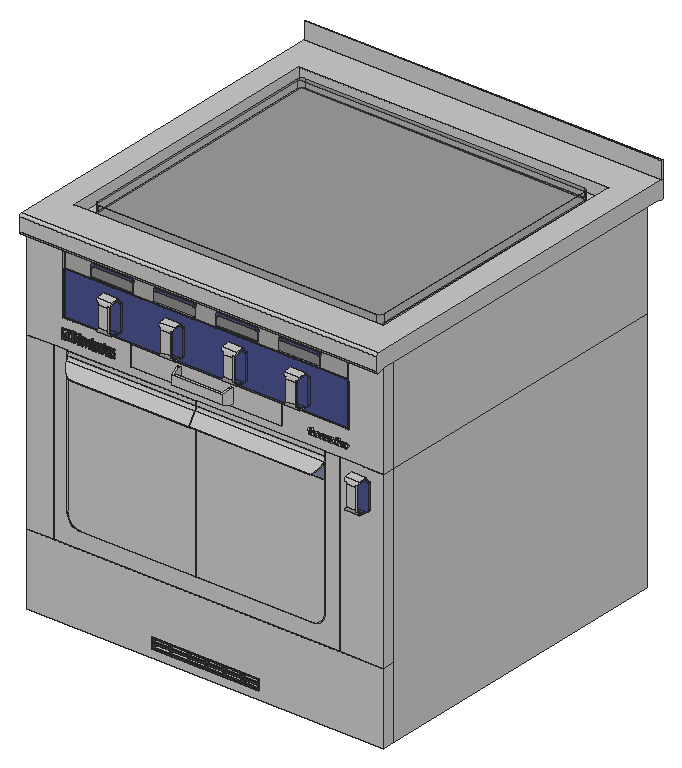
Revit family "QF_ELECTROLUXPROFESSIONAL_588467_MALQFBH4AO", category Attrezzature speciali, Revit 2020 (continued)
Definition of nested family "Front_Panel_W800_Four Knobs"
  Definition of nested family "ELX_Professional_Logo_Small"
    Forms (mm)
      Extrusion 2, solid, material <- "Material_Logo"
        sketch origin (15.5, 0, 0) x (1, 0, 0) y (0, 1, 0)
          loop
            spline (-4.441, -1.243) -> (-4.659, -1.247) -> (-4.894, -1.23) -> (-5.137, -1.19) -> (-5.384, -1.121) -> (-5.628, -1.021) -> (-5.864, -0.884) -> (-6.084, -0.708) -> (-6.283, -0.488) -> (-6.454, -0.219) -> (-6.592, 0.101) -> (-6.69, 0.478) -> (-6.742, 0.914)
            line (-6.742, 0.914) -> (-6.742, 4.587) -> (-4.487, 4.587) -> (-4.487, 6.838) -> (-6.738, 6.838) -> (-6.738, 10.824) -> (-9.217, 10.824) -> (-9.217, 0.773)
            spline (-9.217, 0.773) -> (-9.164, 0.19) -> (-9.068, -0.358) -> (-8.928, -0.87) -> (-8.742, -1.343) -> (-8.511, -1.777) -> (-8.232, -2.168) -> (-7.904, -2.515) -> (-7.527, -2.816) -> (-7.098, -3.069) -> (-6.618, -3.273) -> (-6.084, -3.426) -> (-5.496, -3.525)
            line (-5.496, -3.525) -> (-4.45, -3.573) -> (-4.441, -1.243)
          loop
            spline (3.898, 6.983) -> (3.469, 7.009) -> (3.056, 7.001) -> (2.661, 6.961) -> (2.283, 6.888) -> (1.925, 6.785) -> (1.588, 6.652) -> (1.272, 6.49) -> (0.979, 6.301) -> (0.71, 6.085) -> (0.465, 5.844) -> (0.247, 5.578) -> (0.056, 5.289)
            line (0.056, 5.289) -> (0.056, 6.838) -> (-2.402, 6.838) -> (-2.402, -3.572) -> (0.056, -3.572) -> (0.056, 1.901)
            spline (0.056, 1.901) -> (0.079, 2.316) -> (0.145, 2.703) -> (0.254, 3.06) -> (0.404, 3.386) -> (0.592, 3.679) -> (0.818, 3.938) -> (1.08, 4.162) -> (1.375, 4.348) -> (1.703, 4.495) -> (2.062, 4.602) -> (2.45, 4.668) -> (2.865, 4.69)
            line (2.865, 4.69) -> (3.898, 4.586) -> (3.898, 6.983)
          loop
            spline (15.638, 1.633) -> (15.586, 2.396) -> (15.435, 3.124) -> (15.192, 3.81) -> (14.863, 4.449) -> (14.455, 5.034) -> (13.975, 5.56) -> (13.43, 6.021) -> (12.826, 6.411) -> (12.17, 6.724) -> (11.469, 6.955) -> (10.729, 7.098) -> (9.958, 7.147)
            spline (9.958, 7.147) -> (9.182, 7.098) -> (8.44, 6.955) -> (7.737, 6.724) -> (7.081, 6.411) -> (6.477, 6.021) -> (5.933, 5.56) -> (5.454, 5.034) -> (5.048, 4.449) -> (4.721, 3.81) -> (4.479, 3.124) -> (4.329, 2.396) -> (4.277, 1.633)
            spline (4.277, 1.633) -> (4.329, 0.869) -> (4.479, 0.141) -> (4.721, -0.544) -> (5.048, -1.183) -> (5.454, -1.768) -> (5.933, -2.294) -> (6.477, -2.755) -> (7.081, -3.145) -> (7.737, -3.459) -> (8.44, -3.69) -> (9.182, -3.833) -> (9.958, -3.882)
            spline (9.958, -3.882) -> (10.729, -3.833) -> (11.469, -3.69) -> (12.17, -3.459) -> (12.826, -3.145) -> (13.43, -2.755) -> (13.975, -2.294) -> (14.455, -1.768) -> (14.863, -1.183) -> (15.192, -0.544) -> (15.435, 0.141) -> (15.586, 0.869) -> (15.638, 1.633)
          loop
            spline (13.18, 1.633) -> (13.151, 2.083) -> (13.067, 2.513) -> (12.932, 2.918) -> (12.748, 3.296) -> (12.52, 3.642) -> (12.251, 3.954) -> (11.943, 4.227) -> (11.601, 4.459) -> (11.228, 4.645) -> (10.828, 4.782) -> (10.403, 4.867) -> (9.958, 4.896)
            spline (9.958, 4.896) -> (9.509, 4.867) -> (9.081, 4.782) -> (8.679, 4.645) -> (8.306, 4.459) -> (7.964, 4.227) -> (7.658, 3.954) -> (7.39, 3.642) -> (7.163, 3.296) -> (6.981, 2.918) -> (6.847, 2.513) -> (6.765, 2.083) -> (6.736, 1.633)
            spline (6.736, 1.633) -> (6.765, 1.182) -> (6.847, 0.753) -> (6.981, 0.347) -> (7.163, -0.031) -> (7.39, -0.377) -> (7.658, -0.689) -> (7.964, -0.962) -> (8.306, -1.193) -> (8.679, -1.38) -> (9.081, -1.517) -> (9.509, -1.602) -> (9.958, -1.631)
            spline (9.958, -1.631) -> (10.403, -1.602) -> (10.828, -1.517) -> (11.228, -1.38) -> (11.601, -1.193) -> (11.943, -0.962) -> (12.251, -0.689) -> (12.52, -0.377) -> (12.748, -0.031) -> (12.932, 0.347) -> (13.067, 0.753) -> (13.151, 1.182) -> (13.18, 1.633)
          loop
            line (17.162, 4.269) -> (17.162, -3.573) -> (19.642, -3.573) -> (19.642, 10.824) -> (17.162, 10.824) -> (17.162, 4.269)
          loop
            line (28.581, 6.838) -> (28.581, 0.786)
            spline (28.581, 0.786) -> (28.561, 0.393) -> (28.503, 0.038) -> (28.409, -0.279) -> (28.281, -0.559) -> (28.122, -0.802) -> (27.933, -1.011) -> (27.717, -1.185) -> (27.476, -1.325) -> (27.213, -1.433) -> (26.929, -1.509) -> (26.626, -1.554) -> (26.308, -1.569)
            spline (26.308, -1.569) -> (25.99, -1.554) -> (25.688, -1.509) -> (25.404, -1.434) -> (25.141, -1.326) -> (24.9, -1.187) -> (24.684, -1.014) -> (24.496, -0.807) -> (24.336, -0.565) -> (24.209, -0.288) -> (24.115, 0.026) -> (24.057, 0.376) -> (24.037, 0.765)
            line (24.037, 0.765) -> (24.037, 6.838) -> (21.537, 6.838) -> (21.537, 0.558)
            spline (21.537, 0.558) -> (21.581, -0.153) -> (21.71, -0.8) -> (21.916, -1.384) -> (22.195, -1.904) -> (22.54, -2.362) -> (22.944, -2.757) -> (23.403, -3.09) -> (23.909, -3.362) -> (24.456, -3.572) -> (25.04, -3.722) -> (25.652, -3.811) -> (26.288, -3.841)
            spline (26.288, -3.841) -> (26.929, -3.811) -> (27.547, -3.72) -> (28.135, -3.568) -> (28.687, -3.355) -> (29.197, -3.079) -> (29.66, -2.741) -> (30.068, -2.341) -> (30.415, -1.877) -> (30.696, -1.349) -> (30.905, -0.757) -> (31.034, -0.101) -> (31.079, 0.621)
            line (31.079, 0.621) -> (31.079, 6.838) -> (28.581, 6.838)
          loop
            line (40.457, -0.243) -> (38.894, 1.942) -> (40.83, 4.579) -> (42.488, 6.837) -> (39.782, 6.837) -> (37.53, 3.719) -> (35.258, 6.837) -> (32.573, 6.837) -> (34.113, 4.731) -> (36.167, 1.922) -> (34.014, -1.076) -> (32.222, -3.573) -> (34.887, -3.573) -> (37.53, 0.104) -> (40.174, -3.573) -> (42.839, -3.573) -> (40.457, -0.243)
          loop
            line (-46.121, -5.837) -> (-48.039, -5.837) -> (-48.039, -10.814) -> (-47.016, -10.814) -> (-47.016, -9.128) -> (-46.121, -9.128)
            arc (-46.121, -9.128) -> (-44.476, -7.482) -> (-46.121, -5.837) r 1.645
          loop
            line (-46.163, -6.778) -> (-47.016, -6.778) -> (-47.016, -8.187) -> (-46.163, -8.187)
            arc (-46.163, -8.187) -> (-45.458, -7.482) -> (-46.163, -6.778) r 0.704
          loop
            line (-38.313, -5.837) -> (-40.265, -5.837) -> (-40.265, -10.814) -> (-39.241, -10.814) -> (-39.241, -9.1) -> (-38.46, -9.182) -> (-37.48, -10.814) -> (-36.318, -10.814) -> (-37.513, -8.848)
            arc (-37.513, -8.848) -> (-36.888, -8.266) -> (-36.671, -7.441) r 1.536
            arc (-36.671, -7.441) -> (-37.165, -6.305) -> (-38.313, -5.837) r 1.643
          loop
            arc (-38.402, -8.166) -> (-37.707, -7.505) -> (-38.334, -6.778) r 0.696
            line (-38.334, -6.778) -> (-39.241, -6.778) -> (-39.241, -8.166) -> (-38.402, -8.166)
          loop
            circle (-29.965, -8.325) r 2.585
          loop
            circle (-29.965, -8.325) r 1.64
          loop
            line (-23.1, -5.837) -> (-23.1, -10.814) -> (-22.076, -10.814) -> (-22.076, -8.768) -> (-20.204, -8.768) -> (-20.204, -7.828) -> (-22.076, -7.828) -> (-22.076, -6.778) -> (-20.024, -6.778) -> (-20.024, -5.837) -> (-23.1, -5.837)
          loop
            line (-15.802, -5.837) -> (-15.802, -9.2)
            arc (-15.802, -9.2) -> (-15.343, -10.34) -> (-14.209, -10.814) r 1.593
            line (-14.209, -10.814) -> (-12.602, -10.814) -> (-12.602, -10.027) -> (-14.004, -10.027)
            arc (-14.004, -10.027) -> (-14.552, -9.8) -> (-14.779, -9.252) r 0.775
            line (-14.779, -9.252) -> (-14.779, -8.424) -> (-12.789, -8.424) -> (-12.789, -7.642) -> (-14.779, -7.642) -> (-14.779, -6.778) -> (-12.651, -6.778) -> (-12.651, -5.837) -> (-15.802, -5.837)
          loop
            line (-5.909, -7.143) -> (-5.173, -6.638)
            arc (-5.173, -6.638) -> (-5.855, -5.974) -> (-6.781, -5.755) r 1.782
            arc (-6.781, -5.755) -> (-7.397, -5.878) -> (-7.944, -6.189) r 1.974
            arc (-7.944, -6.189) -> (-8.202, -6.5) -> (-8.317, -6.888) r 1.013
            arc (-8.317, -6.888) -> (-8.306, -7.341) -> (-8.192, -7.78) r 1.985
            arc (-8.192, -7.78) -> (-7.749, -8.259) -> (-7.171, -8.563) r 1.928
            arc (-7.171, -8.563) -> (-6.637, -8.779) -> (-6.131, -9.056) r 5.041
            arc (-6.131, -9.056) -> (-5.934, -9.387) -> (-6.09, -9.74) r 0.42
            arc (-6.09, -9.74) -> (-6.631, -9.96) -> (-7.204, -9.845) r 1.016
            arc (-7.204, -9.845) -> (-7.625, -9.603) -> (-7.889, -9.196) r 1.033
            line (-7.889, -9.196) -> (-8.67, -9.686)
            arc (-8.67, -9.686) -> (-8.361, -10.198) -> (-7.908, -10.589) r 1.914
            arc (-7.908, -10.589) -> (-7.334, -10.834) -> (-6.714, -10.896) r 2.063
            arc (-6.714, -10.896) -> (-5.947, -10.743) -> (-5.256, -10.376) r 2.696
            arc (-5.256, -10.376) -> (-4.95, -9.565) -> (-5.108, -8.712) r 1.618
            arc (-5.108, -8.712) -> (-5.448, -8.319) -> (-5.884, -8.035) r 1.876
            arc (-5.884, -8.035) -> (-6.434, -7.789) -> (-6.999, -7.577) r 9.883
            arc (-6.999, -7.577) -> (-7.325, -7.07) -> (-6.854, -6.694) r 0.45
            arc (-6.854, -6.694) -> (-6.329, -6.809) -> (-5.909, -7.143) r 1.197
          loop
            line (1.61, -7.143) -> (2.345, -6.638)
            arc (2.345, -6.638) -> (1.663, -5.974) -> (0.737, -5.755) r 1.782
            arc (0.737, -5.755) -> (0.121, -5.878) -> (-0.425, -6.189) r 1.974
            arc (-0.425, -6.189) -> (-0.683, -6.5) -> (-0.799, -6.888) r 1.013
            arc (-0.799, -6.888) -> (-0.788, -7.341) -> (-0.674, -7.78) r 1.985
            arc (-0.674, -7.78) -> (-0.231, -8.259) -> (0.347, -8.563) r 1.928
            arc (0.347, -8.563) -> (0.881, -8.779) -> (1.387, -9.056) r 5.041
            arc (1.387, -9.056) -> (1.584, -9.387) -> (1.428, -9.74) r 0.42
            arc (1.428, -9.74) -> (0.887, -9.96) -> (0.314, -9.845) r 1.016
            arc (0.314, -9.845) -> (-0.107, -9.603) -> (-0.371, -9.196) r 1.033
            line (-0.371, -9.196) -> (-1.152, -9.686)
            arc (-1.152, -9.686) -> (-0.842, -10.198) -> (-0.39, -10.589) r 1.914
            arc (-0.39, -10.589) -> (0.184, -10.834) -> (0.804, -10.896) r 2.063
            arc (0.804, -10.896) -> (1.572, -10.743) -> (2.263, -10.376) r 2.696
            arc (2.263, -10.376) -> (2.568, -9.565) -> (2.411, -8.712) r 1.618
            arc (2.411, -8.712) -> (2.07, -8.319) -> (1.635, -8.035) r 1.876
            arc (1.635, -8.035) -> (1.084, -7.789) -> (0.519, -7.577) r 9.883
            arc (0.519, -7.577) -> (0.193, -7.07) -> (0.665, -6.694) r 0.45
            arc (0.665, -6.694) -> (1.189, -6.809) -> (1.61, -7.143) r 1.197
          loop
            line (6.801, -5.837) -> (6.801, -10.814) -> (7.825, -10.814) -> (7.825, -5.837) -> (6.801, -5.837)
          loop
            circle (14.724, -8.325) r 1.548
          loop
            circle (14.724, -8.325) r 2.585
          loop
            line (21.59, -10.814) -> (22.623, -10.814) -> (22.623, -7.685) -> (24.9, -10.814) -> (25.895, -10.814) -> (25.895, -5.837) -> (24.861, -5.837) -> (24.861, -9.061) -> (22.585, -5.837) -> (21.59, -5.837) -> (21.59, -10.814)
          loop
            line (31.054, -10.814) -> (31.539, -9.74) -> (33.38, -9.74) -> (33.865, -10.814) -> (34.965, -10.814) -> (32.46, -5.837) -> (29.956, -10.814) -> (31.054, -10.814)
          loop
            line (32.46, -7.698) -> (31.999, -8.719) -> (32.921, -8.719) -> (32.46, -7.698)
          loop
            line (40.047, -9.873) -> (40.047, -5.837) -> (39.024, -5.837) -> (39.024, -10.814) -> (41.961, -10.814) -> (41.961, -9.873) -> (40.047, -9.873)
          loop
            line (-74.986, -10.814) -> (-53.322, -10.814) -> (-53.322, 10.82) -> (-74.986, 10.82) -> (-74.986, -10.814)
          loop
            line (-61.261, 9.758) -> (-61.261, -9.707)
            arc (-61.261, -9.707) -> (-54.066, 0.025) -> (-61.261, 9.758) r 10.18
          loop
            line (-62.251, 8.349) -> (-62.251, 9.758)
            arc (-62.251, 9.758) -> (-70.347, 7.918) -> (-74.247, 0.59) r 9.976
            line (-74.247, 0.59) -> (-71.026, 0.59)
            arc (-71.026, 0.59) -> (-65.274, 2.925) -> (-62.251, 8.349) r 9.351
          loop
            arc (-74.247, -0.539) -> (-70.353, -7.928) -> (-62.251, -9.957) r 10.237
            line (-62.251, -9.957) -> (-62.251, -8.298)
            arc (-62.251, -8.298) -> (-65.274, -2.874) -> (-71.026, -0.539) r 9.351
            line (-71.026, -0.539) -> (-74.247, -0.539)
        from 0 to 1.644
    Dimensions and locks
      aligned and locked: plane 2 to Extrusion 1
      aligned and locked: level to Extrusion 1
Definition of nested family "H450H2_2DOOR"
  Parameters
    Width [instance] = 580 mm
    Wdoor [instance] = Width / 2  # 290 mm
    Show Clearance [instance] = yes
    Model = "727995"
    Height = 450 mm
    Default Elevation = 0 mm
  Reference planes
    plane 1 "Center (Front/Back)": y = 0
    plane 2: z = 0
    plane 3 "Center (Left/Right)": x = 36.042
    plane 4 "panel": z = 25
    plane 5: x = -253.958
    plane 6: x = 326.042
    plane 7: y = 450
    plane 8: z = 290
    plane 9: z = 45
  Forms (mm)
    Extrusion 1, solid
      sketch origin (0, -919.2, 0) x (1, 0, 0) y (0, 1, 0)
        loop
          line (-980.5, 2119.2) -> (-980.5, -162.846) -> (881.94, -162.846) -> (881.94, 2119.2) -> (-980.5, 2119.2)
      from 0 to -59.546
    Extrusion 2, solid
      sketch origin (0, 0, 0) x (1, 0, 0) y (0, 1, 0)
        loop
          line (324.042, 393) -> (37.042, 393) -> (37.042, 97) -> (294.042, 97)
          arc (294.042, 97) -> (315.255, 105.787) -> (324.042, 127) r 30
          line (324.042, 127) -> (324.042, 393)
        loop
          arc (-251.958, 127) -> (-243.171, 105.787) -> (-221.958, 97) r 30
          line (-221.958, 97) -> (35.042, 97) -> (35.042, 393) -> (-251.958, 393) -> (-251.958, 127)
      from 0 to 25
    Extrusion 3, solid
      sketch origin (0, 0, 0) x (1, 0, 0) y (0, 1, 0)
        loop
          line (-251.958, 393) -> (35.042, 393) -> (35.042, 440) -> (-251.958, 440) -> (-251.958, 393)
        loop
          line (37.042, 440) -> (37.042, 393) -> (324.042, 393) -> (324.042, 440) -> (37.042, 440)
      from 0 to 25
    Extrusion 4, solid
      sketch origin (5.581, 79.805, 0) x (1, 0, 0) y (0, 1, 0)
        loop
          line (-257.539, 360.195) -> (29.461, 360.195) -> (29.461, 370.195) -> (-257.539, 370.195) -> (-257.539, 360.195)
        loop
          line (31.461, 370.195) -> (31.461, 360.195) -> (318.461, 360.195) -> (318.461, 370.195) -> (31.461, 370.195)
      from 0 to 25
    Extrusion 5, solid
      sketch origin (36.042, 0, 0) x (0, 1, 0) y (0, 0, 1)
        loop
          line (426.693, 25) -> (440.02, 25)
          arc (440.02, 25) -> (435.261, 25.775) -> (430.993, 28.02) r 15
          line (430.993, 28.02) -> (406.653, 46.362) -> (403.644, 42.369) -> (426.693, 25)
      from 1 to 288
    Extrusion 6, solid
      sketch origin (36.042, 0, 0) x (0, 1, 0) y (0, 0, 1)
        loop
          line (426.693, 25) -> (440.02, 25)
          arc (440.02, 25) -> (435.261, 25.775) -> (430.993, 28.02) r 15
          line (430.993, 28.02) -> (406.653, 46.362) -> (403.644, 42.369) -> (426.693, 25)
      from -288 to -1
    Extrusion 7, void
      sketch origin (0, 0, 0) x (1, 0, 0) y (0, 1, 0)
        loop
          arc (324.042, 426.693) -> (314.508, 412.772) -> (300.317, 403.644) r 42.603
          line (300.317, 403.644) -> (324.042, 403.644) -> (324.042, 426.693)
      from 0 to 47.9
    Extrusion 8, void
      sketch origin (72.084, 0, 0) x (-1, 0, 0) y (0, -1, 0)
        loop
          line (324.042, -426.693) -> (324.042, -403.644) -> (300.317, -403.644)
          arc (300.317, -403.644) -> (314.508, -412.772) -> (324.042, -426.693) r 42.603
      from 0 to 47.9
    Extrusion 9, solid, detail levels coarse
      sketch origin (0, 0, 0) x (1, 0, 0) y (0, 0, 1)
        loop
          arc (36.042, 25) -> (-41.575, 212.383) -> (-228.958, 290) r 265
          line (-228.958, 290) -> (-228.958, 25) -> (36.042, 25)
      from -450 to -97
    Extrusion 10, solid, detail levels coarse
      sketch origin (0, 0, 0) x (1, 0, 0) y (0, 0, 1)
        loop
          arc (301.042, 290) -> (113.659, 212.383) -> (36.042, 25) r 265
          line (36.042, 25) -> (301.042, 25) -> (301.042, 290)
      from -450 to -97
  Cuts and joins
    Extrusion 8 cuts Extrusion 6
    Extrusion 7 cuts Extrusion 5
  Lines and regions (mm)
    symbolic lines
      curve 1: line (326.042, 0, 45) -> (326.042, 0, 290)
      curve 2: line (301.042, 0, 45) -> (301.042, 0, 290)
      curve 3: line (326.042, 0, 290) -> (301.042, 0, 290)
      curve 4: line (-253.958, 0, 45) -> (-253.958, 0, 290)
      curve 5: line (-228.958, 0, 45) -> (-228.958, 0, 290)
      curve 6: line (-253.958, 0, 290) -> (-228.958, 0, 290)
      curve 7: arc (301.042, 0, 290) -> (120.901, 0, 219.356) -> (36.804, 0, 45.088) r 265
      curve 8: arc (35.286, 0, 44.997) -> (-48.783, 0, 219.325) -> (-228.958, 0, 290) r 265
  Dimensions and locks
    plane 4 "panel" to level = 25 mm
    "Width": plane 5 to plane 6
    equal spacing: plane 5, plane 3 "Center (Left/Right)", plane 6
    "Height": plane 1 "Center (Front/Back)" to plane 7
    locked: plane 5 to Extrusion 2 sketch curve at 2
    locked: Extrusion 2 sketch curve to plane 6 at 2
    locked: plane 1 "Center (Front/Back)" to Extrusion 2 sketch curve at 97
    locked: plane 7 to Extrusion 2 sketch curve at 57
    locked: Extrusion 2 sketch curve to plane 3 "Center (Left/Right)" at 1
    locked: plane 3 "Center (Left/Right)" to Extrusion 2 sketch curve at 1
    Extrusion 3 sketch curve to Extrusion 2 = 47 mm
    "Wdoor": plane 8 to level
    locked: curve 2 to curve 1 at 25
    locked: curve 5 to curve 4 at 25
    plane 4 "panel" to plane 9 = 20 mm
    aligned and locked: plane 2 to Extrusion 1
    aligned and locked: level to Extrusion 1
    aligned and locked: plane 4 "panel" to Extrusion 2
    aligned and locked: Extrusion 2 to Extrusion 3 sketch curve
    aligned and locked: Extrusion 3 sketch curve to Extrusion 2  (x2)
    aligned and locked: Extrusion 3 sketch curve to Extrusion 3 sketch curve
    aligned and locked: plane 4 "panel" to Extrusion 3
    aligned and locked: Extrusion 4 sketch curve to Extrusion 4 sketch curve
    aligned and locked: Extrusion 4 sketch curve to Extrusion 3  (x3)
    aligned and locked: Extrusion 3 to Extrusion 4 sketch curve
    aligned and locked: Extrusion 4 sketch curve to plane 7
    aligned and locked: Extrusion 3 to Extrusion 5
    aligned and locked: Extrusion 5 to Extrusion 3
    aligned and locked: Extrusion 6 to Extrusion 3
    aligned and locked: Extrusion 3 to Extrusion 6
    aligned and locked: Extrusion 7 sketch curve to Extrusion 5
    aligned and locked: Extrusion 8 to Extrusion 6
    aligned and locked: Extrusion 4 to Extrusion 8
    aligned and locked: Extrusion 2 to Extrusion 7
    aligned and locked: Extrusion 7 to Extrusion 5
    aligned and locked: Extrusion 4 to Extrusion 3  (x2)
    aligned and locked: Extrusion 3 to Extrusion 2
    aligned and locked: Extrusion 4 to Extrusion 2
    aligned and locked: curve 3 to plane 8
    aligned and locked: curve 1 to plane 6
    aligned and locked: curve 4 to plane 5
    aligned and locked: Extrusion 9 sketch curve to plane 4 "panel"
    aligned and locked: Extrusion 10 sketch curve to curve 7
    aligned and locked: Extrusion 10 sketch curve to curve 2
    aligned and locked: Extrusion 2 to Extrusion 9
    aligned and locked: Extrusion 2 to Extrusion 10
    aligned and locked: plane 7 to Extrusion 9
    aligned and locked: Extrusion 3 to Extrusion 4
  Automatic sketch dimensions
    Extrusion 1 sketch curve to Extrusion 1 sketch curve = 1862.44 mm
    Extrusion 1 sketch curve to Extrusion 1 sketch curve = 2282.046 mm
    Extrusion 2 sketch curve to Extrusion 2 sketch curve = 30 mm  (x2)
    Extrusion 2 sketch curve to plane 1 "Center (Front/Back)" = 97 mm
    Extrusion 2 sketch curve to Extrusion 2 sketch curve = 0 mm
    Extrusion 3 sketch curve to plane 3 "Center (Left/Right)" = 1 mm
    plane 5 to Extrusion 3 sketch curve = 2 mm
    Extrusion 3 sketch curve to Extrusion 3 sketch curve = 0 mm
    Extrusion 5 sketch curve to plane 4 "panel" = 0 mm
    plane 4 "panel" to Extrusion 5 sketch curve = 17.369 mm
    Extrusion 5 sketch curve to plane 7 = 46.356 mm
    plane 4 "panel" to Extrusion 5 sketch curve = 21.362 mm
    Extrusion 5 sketch curve to Extrusion 5 sketch curve = 3.009 mm
    plane 4 "panel" to Extrusion 5 sketch curve = 3.02 mm
    Extrusion 5 sketch curve to Extrusion 5 sketch curve = 9.027 mm
    Extrusion 6 sketch curve to plane 4 "panel" = 0 mm
    plane 4 "panel" to Extrusion 6 sketch curve = 17.369 mm
    Extrusion 6 sketch curve to plane 7 = 46.356 mm
    plane 4 "panel" to Extrusion 6 sketch curve = 21.362 mm
    Extrusion 6 sketch curve to Extrusion 6 sketch curve = 3.009 mm
    plane 4 "panel" to Extrusion 6 sketch curve = 3.02 mm
    Extrusion 6 sketch curve to Extrusion 6 sketch curve = 9.027 mm
    Extrusion 7 sketch curve to Extrusion 7 sketch curve = 23.725 mm
    Extrusion 7 sketch curve to plane 7 = 6.671 mm
    Extrusion 7 sketch curve to plane 6 = 41.221 mm
    Extrusion 7 sketch curve to plane 7 = 23.307 mm
    plane 7 to Extrusion 8 sketch curve = 6.671 mm
    Extrusion 8 sketch curve to plane 5 = 41.221 mm
    Extrusion 8 sketch curve to plane 5 = 25.725 mm
    Extrusion 8 sketch curve to plane 5 = 2 mm
    plane 7 to Extrusion 8 sketch curve = 23.307 mm
    Extrusion 4 sketch curve to Extrusion 4 sketch curve = 10 mm
    Extrusion 4 sketch curve to plane 7 = 10 mm
    curve 2 to plane 9 = 0 mm
    curve 5 to plane 9 = 0 mm
    curve 4 to plane 9 = 0 mm
    curve 1 to plane 9 = 0 mm
    curve 8 to plane 4 "panel" = 0 mm
    curve 5 to plane 8 = 0 mm
    curve 8 to plane 9 = 0.003 mm
    curve 7 to plane 4 "panel" = 0 mm
    plane 9 to curve 7 = 0.088 mm
Definition of nested family "Warm"
  Reference planes
    plane 1 "Center (Front/Back)": y = 0
    plane 2: z = 0
    plane 3 "Center (Left/Right)": x = 0
  Lines and regions (mm)
    detail lines, in view "Ref. Level"
      curve 1: circle (-165.742, 180.331, 0) r 45 normal (0, 0, 1)
      curve 2: line (-165.742, 125.331, 0) -> (-165.742, 80.331, 0)
      curve 3: line (-165.742, 235.331, 0) -> (-165.742, 280.331, 0)
      curve 4: line (-105.742, 180.331, 0) -> (-65.742, 180.331, 0)
      curve 5: line (-220.742, 180.331, 0) -> (-265.742, 180.331, 0)
      curve 6: line (-126.851, 141.44, 0) -> (-95.031, 109.62, 0)
      curve 7: line (-204.632, 219.221, 0) -> (-236.452, 251.041, 0)
      curve 8: line (-126.851, 219.221, 0) -> (-95.031, 251.041, 0)
      curve 9: line (-204.632, 141.44, 0) -> (-236.452, 109.62, 0)
